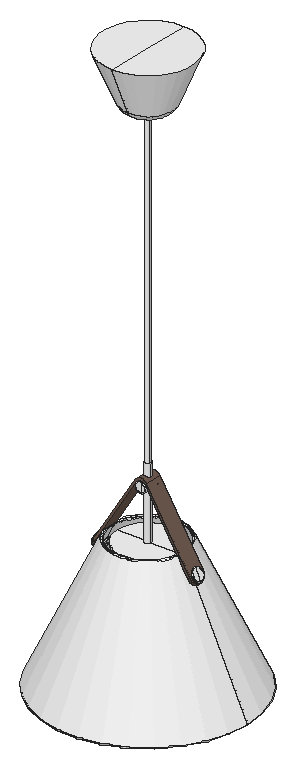
Revit family "Lighting_Pendants_Nordlux_Strap_27", category Lighting Fixtures, host Ceiling, Revit 2017
Family settings
  Host = Ceiling
  Round Connector Dimension = Use Diameter
  Part Type = Normal
  OmniClass Number = 23.80.70.11
  OmniClass Title = Luminaries for Internal Lighting
  Always vertical = Yes
  Cut with Voids When Loaded = No
  Light Source = Yes
  Shared = No
  Room Calculation Point = No
Parameters (values of type "Strap 27 - white with brown straps")
  Wattage = 6.7321 W
  WarrantyStartDate [instance] = "n/a"
  WarrantyGuarantorParts = "n/a"
  WarrantyGuarantorLabor = "n/a"
  WarrantyDurationUnit = "Hours"
  WarrantyDurationParts = "n/a"
  WarrantyDurationLabor = "n/a"
  WarrantyDescription = "n/a"
  built-in parameter 1150110 = 1 (stored number, unit not read)
  VersionDate = "01/07/2020"  # constant formula
  Version = "1"  # constant formula
  UsageCurrent = 0 A
  Uniclass2015Reference = "Pr_70_70_48_62"
  Uniclass2015Description = "Pendant  luminaires"
  Uniclass2 = "Pr_70_70_49_86"
  URL = "https://www.nordlux.com/products/product/84333001"
  TotalWattage = 40 W
  built-in parameter 1114217 = 1 (stored number, unit not read)
  Tilt Angle = 90.00°
  built-in parameter 1150109 = 1 (stored number, unit not read)
  built-in parameter 1150134 = (empty or 0)
  TagNumber [instance] = "n/a"
  SustainabilityPerformance = "n/a"
  built-in parameter 1150113 = 1 (stored number, unit not read)
  Socket = "E27"
  Size = "Shade: 270x270x270 mm / Canopy: 120x120x73 mm"
  Shape = "Sculptured"
  SerialNumber [instance] = "n/a"
  Revision = "1"  # constant formula
  ReplacementCost = "n/a"
  ProductInformation = "n/a"
  Product data url = "https://www.bimobject.com/nordlux/product/strap_27_pendant"
  Photometric Web File = "8433 Strap 27 Pendel Sort.ies"
  PhaseReference = "n/a"
  PhaseAngle = 0.00°
  NumberOfSources = 0
  NumberOfPoles = 1
  NominalWidth = NominalDiameter  # 270 mm
  NominalVoltageCalc = 0 V
  NominalVoltage = 230 V
  NominalRadius = NominalDiameter / 2  # 135 mm
  NominalLength = NominalDiameter  # 270 mm
  NominalHeight [instance] = CableLengthControl + 271.3 mm  # 771.3 mm
  NominalFrequencyRange = 50 Hz
  NominalDiameter = 270 mm
  NominalCurrent = 0 A
  Name = "Strap_27"  # constant formula
  NBSReference = "90-60-50/405"
  NBSDescription = "General purpose luminaires"
  ModelReference = ArticleNumber  # "84333001"
  ModelNumber = "n/a"
  Model = "Strap 27 - white with brown straps"
  Material = "Metal, leather & textile"
  ManufacturersSpecificInformation = "n/a"
  ManufacturerURL = "https://www.nordlux.com/"
  ManufacturerName = "Nordlux"
  Manufacturer = ManufacturerName  # "Nordlux"
  MaintenanceFactor = 0
  Lumens = 1000 lm
  built-in parameter 1150115 = 1 (stored number, unit not read)
  built-in parameter 1150105 = 360.88 (stored number, unit not read)
  LightSource = "Not included"
  LightFixtureTertiaryMaterial = Brown leather
  LightFixtureSecondaryMaterial = White cable
  LightFixtureQuinaryMaterial = White
  LightFixtureQuaternaryMaterial = Chrome
  LightFixturePlacingType = "Ceilling"
  LightFixtureMountingType = "Suspended"
  LightFixtureMainMaterial = White
  built-in parameter 1150137 = (empty or 0)
  built-in parameter 1150139 = (empty or 0)
  LensMaterial = Glass
  built-in parameter 1150112 = 1 (stored number, unit not read)
  built-in parameter 1150114 = 1 (stored number, unit not read)
  InsulationStandardClass = "Class 2 (Double isolated)"
  InstallationDate [instance] = "n/a"
  built-in parameter 1150132 = 2
  built-in parameter 1150102 = (empty or 0)
  built-in parameter 1150138 = (empty or 0)
  built-in parameter 1150107 = 3000 (stored number, unit not read)
  built-in parameter 1150106 = 3.6088 (stored number, unit not read)
  IfcExportType = "NOTDEFINED"  # constant formula
  IfcExportAs = "IfcLightFixtureType"  # constant formula
  IP_Code = "IP20"
  HasProtectiveEarth = no
  Grade = "n/a"
  Finish = "Primary material metal, secondary material leather, textile cable."
  Features = "Textile cable 300cm. Cable can not be replaced."
  ExpectedLife = "n/a"
  EnergyClass = "A++ -D"
  Emit from Circle Diameter = 60 mm
  Emit Shape Visible in Rendering = no
  ElectricalDeviceNominalPower = 0
  built-in parameter 1150104 = 13.8 (stored number, unit not read)
  EANNumber = "5701581337787"
  DurationUnit = "Hours"
  Dimming Lamp Color Temperature Shift = <None>
  Designer = "BJORN + BALLE"
  Description = "Metal and leather go well with the light Nordic style. The combination of these materials also allows the light to visually interact with a modern interior, where combining materials is one of the biggest current trends. With STRAP it seems obvious – just as obvious as how a Nordic light design is named after a leather strap. The narrow and elegant leather gives STRAP both a warm and raw look, which balances between the classic and the industrial. It comes with two leather straps in brown and black respectively, so it's up to you to give the STRAP the final look."
  DefaultElevation = 0 mm
  ConvergoRefNr = "0143-1909-0013-DK"
  Constituents = "n/a"
  Color Filter = 16777215
  Color = "White"
  Collection = "Strap"
  CodePerformance = "n/a"
  Category = "Indoor lighting"
  CableLengthControl [instance] = if(CableLength < 250 mm, 250 mm, if(CableLength > 3000 mm, 3000 mm, CableLength))  # 500 mm
  CableLength [instance] = 500 mm
  Brand = ManufacturerName  # "Nordlux"
  Barcode [instance] = "n/a"
  built-in parameter 1114218 = 1 (stored number, unit not read)
  BIMObjectName = "Lighting_Pendants_Nordlux_Strap_27"  # constant formula
  Author = "Convergo AB"  # constant formula
  built-in parameter 1150133 = 10 (stored number, unit not read)
  AssetType = "Fixed"
  AssetIdentifier [instance] = "n/a"
  ArticleNumber = "84333001"
  AccessibilityPerformance = "n/a"
Types (8, lengths in mm): name | URL | Photometric Web File | ModelReference | Model | Material | LightFixtureTertiaryMaterial | LightFixtureSecondaryMaterial | LightFixtureQuinaryMaterial | LightFixtureMainMaterial | Finish | EANNumber | Color | ArticleNumber
  Strap 27 - black with black straps | "https://www.nordlux.com/products/product/84333003" | "8433 Strap 27 Pendel Sort.ies" | "84333003" | "Strap 27 - black with black straps" | "Metal, leather & textile" | Black leather | Black cable | Black | Black | "Primary material metal, secondary material leather, textile cable." | "5701581337886" | "Black" | "84333003"
  Strap 27 - white with black straps | "https://www.nordlux.com/products/product/84333001" | "8433 Strap 27 Pendel Sort.ies" | "84333001" | "Strap 27 - white with black straps" | "Metal, leather & textile" | Black leather | White cable | White | White | "Primary material metal, secondary material leather, textile cable." | "5701581337787" | "White" | "84333001"
  Strap 27 - brushed steel with black straps | "https://www.nordlux.com/products/product/84333032" | "8433 Strap 27 Pendel Sort.ies" | "84333032" | "Strap 27 - brushed steel with black straps" | "Metal, leather & textile" | Black leather | Black cable | Brushed steel | Brushed steel | "Primary material metal, secondary material leather, textile cable." | "5701581338081" | "Brushed steel" | "84333032"
  Strap 27 - opal white with black straps | "https://www.nordlux.com/products/product/84313001" | "8431 Strap 27 Pendel Opal.ies" | "84313001" | "Strap 27 - opal white with black straps" | "Glass, metal, leather & textile" | Black leather | White cable | White | Opal white | "Primary material glass, secondary material leather, textile cable." | "5701581337688" | "Opal white" | "84313001"
  Strap 27 - black with brown straps | "https://www.nordlux.com/products/product/84333003" | "8433 Strap 27 Pendel Sort.ies" | "84333003" | "Strap 27 - black with brown straps" | "Metal, leather & textile" | Brown leather | Black cable | Black | Black | "Primary material metal, secondary material leather, textile cable." | "5701581337886" | "Black" | "84333003"
  Strap 27 - brushed steel with brown straps | "https://www.nordlux.com/products/product/84333032" | "8433 Strap 27 Pendel Sort.ies" | "84333032" | "Strap 27 - brushed steel with brown straps" | "Metal, leather & textile" | Brown leather | Black cable | Brushed steel | Brushed steel | "Primary material metal, secondary material leather, textile cable." | "5701581338081" | "Brushed steel" | "84333032"
  Strap 27 - opal white with brown straps | "https://www.nordlux.com/products/product/84313001" | "8431 Strap 27 Pendel Opal.ies" | "84313001" | "Strap 27 - opal white with brown straps" | "Glass, metal, leather & textile" | Brown leather | White cable | White | Opal white | "Primary material glass, secondary material leather, textile cable." | "5701581337688" | "Opal white" | "84313001"
  Strap 27 - white with brown straps | "https://www.nordlux.com/products/product/84333001" | "8433 Strap 27 Pendel Sort.ies" | "84333001" | "Strap 27 - white with brown straps" | "Metal, leather & textile" | Brown leather | White cable | White | White | "Primary material metal, secondary material leather, textile cable." | "5701581337787" | "White" | "84333001"
Reference planes
  plane 1 "Light Source Axis (F/B)": y = 0
  plane 2: z = 0
  plane 3 "Light Source Axis (L/R)": x = 0
  plane 4 "Ceiling": z = 4000
  plane 5 "Light Source Elevation": z = 3310.848
  plane 6: z = 3500
  plane 7: x = -135
  plane 8: y = 135
  plane 9: x = 135
  plane 10: y = -135
  plane 11: z = 3500
  plane 12: z = 3228.7
Forms (mm)
  Extrusion 1, solid, material "White" <- "LightFixtureQuinaryMaterial", detail levels coarse
    sketch origin (0, 6000, 3228.7) x (0, 1, 0) y (1, 0, 0)
      loop
        line (-5865, -135) -> (-5865, 135) -> (-6135, 135) -> (-6135, -135) -> (-5865, -135)
    from 0 to -771.3
Lines and regions (mm)
  symbolic lines
    curve 1: line (3, 0, 4000) -> (-3, 0, 4000)
  symbolic lines, detail levels medium+fine
    curve 2: line (3, 0, 3927) -> (3, 0, 3500)
    curve 3: line (-3, 0, 3927) -> (-3, 0, 3500)
    curve 4: line (0, 3, 3927) -> (0, 3, 3500)
    curve 5: line (0, -3, 3927) -> (0, -3, 3500)
Dimensions and locks
  equal spacing: host sketch curve, plane 3 "Light Source Axis (L/R)", host sketch curve
  equal spacing: host sketch curve, plane 1 "Light Source Axis (F/B)", host sketch curve
  host sketch curve to host sketch curve = 4000 mm  (x2)
  locked: plane 4 "Ceiling" to host ceiling at 0
  equal spacing: plane 10, plane 1 "Light Source Axis (F/B)", plane 8
  "NominalDiameter": plane 8 to plane 10
  equal spacing: plane 7, plane 3 "Light Source Axis (L/R)", plane 9
  "NominalDiameter": plane 7 to plane 9
  "CableLengthControl": plane 11 to plane 4 "Ceiling"
  locked: plane 12 to plane 5 "Light Source Elevation" at 82.148
  "NominalHeight": plane 12 to plane 4 "Ceiling"
  aligned and locked: plane 3 "Light Source Axis (L/R)" to imposter light
  aligned and locked: plane 1 "Light Source Axis (F/B)" to imposter light
  aligned and locked: plane 5 "Light Source Elevation" to imposter light
  aligned and locked: plane 4 "Ceiling" to curve 1  (x2)
  aligned and locked: plane 8 to Extrusion 1 sketch curve
  aligned and locked: plane 7 to Extrusion 1 sketch curve
  aligned and locked: plane 10 to Extrusion 1 sketch curve
  aligned and locked: plane 9 to Extrusion 1 sketch curve
  aligned and locked: Extrusion 1 to plane 4 "Ceiling"
  aligned and locked: curve 2 to nested 2
  aligned and locked: curve 3 to nested 2
  aligned and locked: plane 11 to curve 2
  aligned and locked: plane 11 to curve 3
  aligned and locked: curve 4 to nested 2
  aligned and locked: curve 5 to nested 2
  aligned and locked: plane 11 to curve 5
  aligned and locked: plane 11 to curve 4
  aligned and locked: nested 2 to plane 4 "Ceiling"
  aligned and locked: plane 3 "Light Source Axis (L/R)" to nested 1
  aligned and locked: nested 1 to plane 12
Automatic sketch dimensions
  plane 1 "Light Source Axis (F/B)" to curve 5 = 3 mm
  curve 4 to plane 1 "Light Source Axis (F/B)" = 3 mm
  curve 1 to plane 3 "Light Source Axis (L/R)" = 3 mm
  curve 3 to plane 3 "Light Source Axis (L/R)" = 3 mm
  plane 3 "Light Source Axis (L/R)" to curve 2 = 3 mm
  plane 3 "Light Source Axis (L/R)" to curve 1 = 3 mm
Nested families
  nested 1: "Strap_27" at (0, 0, 3228.7), Metal <- "LightFixtureQuinaryMaterial", Glass <- "LensMaterial", Nuts <- "LightFixtureQuaternaryMaterial", Strap <- "LightFixtureTertiaryMaterial", LampMaterial <- "LightFixtureMainMaterial", type "Strap_27"
    with Strap Brown leather, Nuts Chrome, Metal White, LampMaterial White, Glass Glass
  nested 2: "CeillingCap" at (0, 0, 4000) x (1, 0, 0) z (0, 0, -1), Cable <- "LightFixtureSecondaryMaterial", Metal <- "LightFixtureQuinaryMaterial", CableLength <- "CableLengthControl", type "CeillingCap"
    with Metal White, CableLength 500 mm, Cable White cable
Connectors
  electrical at (0, 0, 4000), driven by "NumberOfPoles", driven by "NominalVoltage"
    settings: on nested 2, index 1, voltage 230 V, apparent load 0 VA, apparent load phase1 0 VA, apparent load phase2 0 VA, apparent load phase3 0 VA, power factor 1, load classification "Other", number of poles 1, system type 31, power factor state 1, is connector primary yes, connector utility no, sub classification motor no, connector description ""
Definition of nested family "Strap_27"
  Parameters (values of type "Strap_27")
    Strap [instance] = none
    Nuts [instance] = none
    Metal [instance] = none
    LampMaterial [instance] = none
    Glass [instance] = none
  Reference planes
    plane 1 "Center (Front/Back)": y = 0
    plane 2: z = 0
    plane 3 "Center (Left/Right)": x = 0
    plane 4: z = 171.293
    plane 5: z = 82.148
  Forms (mm)
    Revolve 1, solid, material <- "Metal", detail levels medium+fine
      sketch origin (0, 0, 0) x (1, 0, 0) y (0, 0, 1)
        loop
          line (-40.635, 172.336) -> (-12.087, 172.336) -> (-12.087, 164.366) -> (-10.056, 164.366) -> (-10.056, 163.351)
          arc (-10.056, 163.351) -> (-16.687, 156.595) -> (-19.109, 147.444) r 18.501
          line (-19.109, 147.444) -> (-19.109, 105.624) -> (-13.71, 105.624) -> (-13.71, 135.199) -> (0, 135.199) -> (0, 271.33) -> (-4.01, 271.33) -> (-4.01, 175.336) -> (-40.635, 175.336) -> (-40.635, 172.336)
        axis (0, 105.624) -> (0, 271.33)
      angle from 0 to 360
    Extrusion 2, solid, material <- "Strap", detail levels medium+fine
      sketch origin (0, 0, 0) x (1, 0, 0) y (0, 0, 1)
        loop
          arc (-5.782, 249.768) -> (0, 252.821) -> (5.782, 249.768) r 7
          arc (5.782, 249.768) -> (38.27, 199.454) -> (68.145, 147.545) r 1171.252
          line (68.145, 147.545) -> (70.782, 148.974)
          arc (70.782, 148.974) -> (40.447, 201.645) -> (7.427, 252.677) r 1174.252
          arc (7.427, 252.677) -> (0, 256.593) -> (-7.427, 252.677) r 9
          arc (-7.427, 252.677) -> (-40.447, 201.645) -> (-70.782, 148.974) r 1174.252
          line (-70.782, 148.974) -> (-68.145, 147.545)
          arc (-68.145, 147.545) -> (-38.27, 199.454) -> (-5.782, 249.768) r 1171.252
      from -11 to 11
    Sweep 3, void
      path in 3D
        loop
          line (67.266, -11, 147.068) -> (71.662, -11, 149.45)
      profile origin (69.464, -11, 148.259) x (-0.476483, 0, 0.879184) y (0, -1, 0)
        loop
          line (-1, 0) -> (-1, -22) -> (11, -22)
          arc (11, -22) -> (0, -11) -> (11, 0) r 11
          line (11, 0) -> (-1, 0)
    Sweep 4, void
      path in 3D
        loop
          line (-71.662, -11, 149.45) -> (-67.266, -11, 147.068)
      profile origin (-69.464, -11, 148.259) x (0.476483, 0, 0.879184) y (0, -1, 0)
        loop
          line (-1, 0) -> (-1, -22) -> (11, -22)
          arc (11, -22) -> (0, -11) -> (11, 0) r 11
          line (11, 0) -> (-1, 0)
    Revolve 5, solid, material <- "Nuts", detail levels medium+fine
      sketch origin (0, 0, 0) x (1, 0, 0) y (0, 0, 1)
        loop
          line (-68.227, 159.08) -> (-55.486, 152.122) -> (-54.527, 153.877) -> (-55.885, 154.618) -> (-53.236, 159.468)
          arc (-53.236, 159.468) -> (-53.195, 159.848) -> (-53.435, 160.146) r 0.5
          line (-53.435, 160.146) -> (-56.253, 161.685)
          arc (-56.253, 161.685) -> (-58.002, 159.219) -> (-59.509, 156.598) r 31.869
          line (-59.509, 156.598) -> (-64.635, 159.398) -> (-61.504, 165.13) -> (-63.698, 166.329)
          arc (-63.698, 166.329) -> (-64.078, 166.37) -> (-64.376, 166.13) r 0.5
          line (-64.376, 166.13) -> (-68.227, 159.08)
        axis (-68.227, 159.08) -> (-55.486, 152.122)
      angle from 0 to 360
    Revolve 6, solid, material <- "Metal", detail levels medium+fine
      sketch origin (0, 0, 100.495) x (0, 1, 0) y (0, 0, 1)
        loop
          line (12.5, 145.326) -> (12.5, 151.826)
          arc (12.5, 151.826) -> (12.354, 152.179) -> (12, 152.326) r 0.5
          line (12, 152.326) -> (-12, 152.326)
          arc (-12, 152.326) -> (-12.354, 152.179) -> (-12.5, 151.826) r 0.5
          line (-12.5, 151.826) -> (-12.5, 145.326) -> (12.5, 145.326)
        axis (-12.5, 145.326) -> (12.5, 145.326)
      angle from 0 to 360
    Revolve 7, solid, material <- "LampMaterial", detail levels medium+fine
      sketch origin (0, 0, 0) x (1, 0, 0) y (0, 0, 1)
        loop
          arc (-134.832, 1.37) -> (-134.819, 0.987) -> (-134.539, 0.726) r 0.5
          line (-134.539, 0.726) -> (-132.667, 0.023)
          arc (-132.667, 0.023) -> (-132.284, 0.036) -> (-132.023, 0.315) r 0.5
          arc (-132.023, 0.315) -> (-93.572, 90.883) -> (-47.637, 177.895) r 1168.252
          arc (-47.637, 177.895) -> (-47.585, 178.272) -> (-47.813, 178.576) r 0.5
          line (-47.813, 178.576) -> (-49.531, 179.6)
          arc (-49.531, 179.6) -> (-49.912, 179.655) -> (-50.219, 179.422) r 0.5
          arc (-50.219, 179.422) -> (-96.278, 92.179) -> (-134.832, 1.37) r 1171.252
        axis (0, 179.6) -> (0, 0.023)
      angle from 0 to 360
    Revolve 8, solid, material <- "Nuts", detail levels medium+fine
      sketch origin (0, 0, 0) x (-1, 0, 0) y (0, 0, -1)
        loop
          line (-68.227, -159.08) -> (-64.376, -166.13)
          arc (-64.376, -166.13) -> (-64.078, -166.37) -> (-63.698, -166.329) r 0.5
          line (-63.698, -166.329) -> (-61.504, -165.13) -> (-64.635, -159.398) -> (-59.509, -156.598)
          arc (-59.509, -156.598) -> (-58.002, -159.219) -> (-56.253, -161.685) r 31.869
          line (-56.253, -161.685) -> (-53.435, -160.146)
          arc (-53.435, -160.146) -> (-53.195, -159.848) -> (-53.236, -159.468) r 0.5
          line (-53.236, -159.468) -> (-55.885, -154.618) -> (-54.527, -153.877) -> (-55.486, -152.122) -> (-68.227, -159.08)
        axis (-68.227, -159.08) -> (-55.486, -152.122)
      angle from 0 to 360
    Revolve 9, solid, material <- "Glass", detail levels medium+fine
      sketch origin (0, 0, 51.356) x (0, 1, 0) y (0, 0, 1)
        loop
          line (0, 30.793) -> (25, 30.793) -> (25, 32.793) -> (22.5, 32.793) -> (22.5, 39.96)
          arc (22.5, 39.96) -> (19.463, 53.223) -> (10.957, 63.843) r 30.481
          line (10.957, 63.843) -> (10.957, 83.843) -> (0, 83.843) -> (0, 30.793)
        axis (0, 83.843) -> (0, 30.793)
      angle from 0 to 360
  Cuts and joins
    Sweep 3, Sweep 4 cuts Extrusion 2
    joined: Revolve 1, Revolve 6
    joined: Revolve 5, Revolve 8
  Lines and regions (mm)
    sketch lines
      curve 1: line (67.266, -11, 147.068) -> (71.662, -11, 149.45)
      curve 2: line (-71.662, -11, 149.45) -> (-67.266, -11, 147.068)
    symbolic lines, detail levels fine
      curve 3: arc (-50.074, 0, 179.67) -> (-59.236, 0, 163.679) -> (-68.145, 0, 147.545) r 1171.252
      curve 7: line (0, 0, 179.67) -> (-50.074, 0, 179.67)
      curve 8: arc (-50.074, 0, 179.67) -> (-28.548, 0, 215.111) -> (-5.782, 0, 249.768) r 1171.252
      curve 16: arc (-61.812, 0, 165.219) -> (-65.946, 0, 157.807) -> (-70.027, 0, 150.366) r 1174.252
      curve 18: arc (0, 0, 256.593) -> (-2.06, 0, 256.355) -> (-4.01, 0, 255.651) r 9
      curve 20: line (0, 0, 271.33) -> (-3.01, 0, 271.33)
      curve 23: circle (0, 0, 245.821) r 7 normal (0, 1, 0)
      curve 24: line (-4.01, 0, 240.084) -> (-4.01, 0, 179.67)
      curve 26: arc (50.074, 0, 179.67) -> (59.236, 0, 163.679) -> (68.145, 0, 147.545) r 1171.252
      curve 29: line (0, 0, 179.67) -> (50.074, 0, 179.67)
      curve 30: arc (50.074, 0, 179.67) -> (28.548, 0, 215.111) -> (5.782, 0, 249.768) r 1171.252
      curve 38: arc (61.812, 0, 165.219) -> (65.946, 0, 157.807) -> (70.027, 0, 150.366) r 1174.252
      curve 40: arc (0, 0, 256.593) -> (2.06, 0, 256.355) -> (4.01, 0, 255.651) r 9
      curve 42: line (0, 0, 271.33) -> (3.01, 0, 271.33)
      curve 45: line (4.01, 0, 240.084) -> (4.01, 0, 179.67)
      curve 54: spline (0, 8.532, 157.642) -> (0, 8.459, 156.665) -> (0, 8.241, 155.704) -> (0, 7.883, 154.777) -> (0, 7.389, 153.898) -> (0, 6.769, 153.084) -> (0, 6.033, 152.348) -> (0, 5.194, 151.702) -> (0, 4.266, 151.158) -> (0, 3.265, 150.724) -> (0, 2.208, 150.41) -> (0, 1.114, 150.218) -> (0, 0, 150.154)
      curve 55: spline (0, 8.532, 158.966) -> (0, 8.459, 159.943) -> (0, 8.241, 160.904) -> (0, 7.883, 161.831) -> (0, 7.389, 162.71) -> (0, 6.769, 163.524) -> (0, 6.033, 164.261) -> (0, 5.194, 164.906) -> (0, 4.266, 165.451) -> (0, 3.265, 165.884) -> (0, 2.208, 166.199) -> (0, 1.114, 166.39) -> (0, 0, 166.454)
      curve 56: line (0, 8.532, 158.966) -> (0, 8.532, 157.642)
      curve 57: line (0, 9, 155.441) -> (0, 9, 179.67)
      curve 58: spline (0, 0, 147.545) -> (0, 1.175, 147.612) -> (0, 2.329, 147.814) -> (0, 3.444, 148.146) -> (0, 4.5, 148.602) -> (0, 5.479, 149.176) -> (0, 6.364, 149.857) -> (0, 7.14, 150.634) -> (0, 7.794, 151.493) -> (0, 8.315, 152.419) -> (0, 8.693, 153.397) -> (0, 8.923, 154.41) -> (0, 9, 155.441)
      curve 59: spline (0, 0, 148.974) -> (0, 1.175, 149.042) -> (0, 2.329, 149.243) -> (0, 3.444, 149.575) -> (0, 4.5, 150.032) -> (0, 5.479, 150.606) -> (0, 6.364, 151.287) -> (0, 7.14, 152.063) -> (0, 7.794, 152.922) -> (0, 8.315, 153.848) -> (0, 8.693, 154.826) -> (0, 8.923, 155.84) -> (0, 9, 156.87)
      curve 66: line (0, 9, 238.82) -> (0, 9, 252.828)
      curve 70: line (0, 3, 271.33) -> (0, 0, 271.33)
      curve 71: arc (0, 4, 256.593) -> (0, 2.071, 255.794) -> (0, 0, 255.522) r 8
      curve 78: spline (0, -8.532, 157.642) -> (0, -8.459, 156.665) -> (0, -8.241, 155.704) -> (0, -7.883, 154.777) -> (0, -7.389, 153.898) -> (0, -6.769, 153.084) -> (0, -6.033, 152.348) -> (0, -5.194, 151.702) -> (0, -4.266, 151.158) -> (0, -3.265, 150.724) -> (0, -2.208, 150.41) -> (0, -1.114, 150.218) -> (0, 0, 150.154)
      curve 79: spline (0, -8.532, 158.966) -> (0, -8.459, 159.943) -> (0, -8.241, 160.904) -> (0, -7.883, 161.831) -> (0, -7.389, 162.71) -> (0, -6.769, 163.524) -> (0, -6.033, 164.261) -> (0, -5.194, 164.906) -> (0, -4.266, 165.451) -> (0, -3.265, 165.884) -> (0, -2.208, 166.199) -> (0, -1.114, 166.39) -> (0, 0, 166.454)
      curve 80: line (0, -8.532, 158.966) -> (0, -8.532, 157.642)
      curve 81: line (0, -9, 155.441) -> (0, -9, 179.67)
      curve 82: spline (0, 0, 147.545) -> (0, -1.175, 147.612) -> (0, -2.329, 147.814) -> (0, -3.444, 148.146) -> (0, -4.5, 148.602) -> (0, -5.479, 149.176) -> (0, -6.364, 149.857) -> (0, -7.14, 150.634) -> (0, -7.794, 151.493) -> (0, -8.315, 152.419) -> (0, -8.693, 153.397) -> (0, -8.923, 154.41) -> (0, -9, 155.441)
      curve 83: spline (0, 0, 148.974) -> (0, -1.175, 149.042) -> (0, -2.329, 149.243) -> (0, -3.444, 149.575) -> (0, -4.5, 150.032) -> (0, -5.479, 150.606) -> (0, -6.364, 151.287) -> (0, -7.14, 152.063) -> (0, -7.794, 152.922) -> (0, -8.315, 153.848) -> (0, -8.693, 154.826) -> (0, -8.923, 155.84) -> (0, -9, 156.87)
      curve 90: line (0, -9, 238.82) -> (0, -9, 252.828)
      curve 94: line (0, -3, 271.33) -> (0, 0, 271.33)
      curve 95: arc (0, -4, 256.593) -> (0, -2.071, 255.794) -> (0, 0, 255.522) r 8
      curve 99: circle (0, 0, 0) r 132 normal (0, 0, 1)
      curve 100: circle (0, 0, 0) r 48 normal (0, 0, 1)
      curve 101: circle (0, 0, 0) r 40.635 normal (0, 0, 1)
      curve 102: line (-46.723, 11, 0) -> (-39.118, 11, 0)
      curve 103: line (-46.723, -11, 0) -> (-39.118, -11, 0)
      curve 104: line (39.118, -11, 0) -> (46.723, -11, 0)
      curve 105: line (39.118, 11, 0) -> (46.723, 11, 0)
    symbolic lines, detail levels medium+fine
      curve 4: line (-134.58, 0, 0.741) -> (-132.605, 0, 0)
      curve 5: line (0, 0, 0) -> (-132.605, 0, 0)
      curve 6: arc (-134.847, 0, 1.329) -> (-134.835, 0, 0.979) -> (-134.58, 0, 0.741) r 0.456
      curve 9: arc (-7.427, 0, 252.677) -> (-35.579, 0, 209.544) -> (-61.812, 0, 165.219) r 1174.252
      curve 10: line (-70.782, 0, 148.974) -> (-68.145, 0, 147.545)
      curve 11: line (-70.027, 0, 150.366) -> (-71.863, 0, 151.364)
      curve 12: line (-61.812, 0, 165.219) -> (-63.734, 0, 166.3)
      curve 13: line (-72.064, 0, 152.042) -> (-64.419, 0, 166.103)
      curve 14: arc (-63.734, 0, 166.3) -> (-64.118, 0, 166.345) -> (-64.419, 0, 166.103) r 0.5
      curve 15: arc (-72.064, 0, 152.042) -> (-72.104, 0, 151.662) -> (-71.863, 0, 151.364) r 0.5
      curve 17: arc (-70.027, 0, 150.366) -> (-70.405, 0, 149.67) -> (-70.782, 0, 148.974) r 1174.252
      curve 19: line (-4.01, 0, 271.33) -> (-3.01, 0, 271.33)
      curve 21: line (-4.01, 0, 271.33) -> (-4.01, 0, 255.651)
      curve 22: arc (-4.01, 0, 255.651) -> (-5.909, 0, 254.382) -> (-7.427, 0, 252.677) r 9
      curve 25: arc (-68.145, 0, 147.545) -> (-104.007, 0, 75.582) -> (-134.847, 0, 1.329) r 1171.252
      curve 27: line (134.539, 0, 0.726) -> (132.605, 0, 0)
      curve 28: line (0, 0, 0) -> (132.605, 0, 0)
      curve 31: arc (7.427, 0, 252.677) -> (35.579, 0, 209.544) -> (61.812, 0, 165.219) r 1174.252
      curve 32: line (70.782, 0, 148.974) -> (68.145, 0, 147.545)
      curve 33: line (70.027, 0, 150.366) -> (71.863, 0, 151.364)
      curve 34: line (61.812, 0, 165.219) -> (63.734, 0, 166.3)
      curve 35: line (72.064, 0, 152.042) -> (64.419, 0, 166.103)
      curve 36: arc (63.734, 0, 166.3) -> (64.118, 0, 166.345) -> (64.419, 0, 166.103) r 0.5
      curve 37: arc (72.064, 0, 152.042) -> (72.104, 0, 151.662) -> (71.863, 0, 151.364) r 0.5
      curve 39: arc (70.027, 0, 150.366) -> (70.405, 0, 149.67) -> (70.782, 0, 148.974) r 1174.252
      curve 41: line (4.01, 0, 271.33) -> (3.01, 0, 271.33)
      curve 43: line (4.01, 0, 271.33) -> (4.01, 0, 255.651)
      curve 44: arc (4.01, 0, 255.651) -> (5.909, 0, 254.382) -> (7.427, 0, 252.677) r 9
      curve 46: arc (68.145, 0, 147.545) -> (103.998, 0, 75.602) -> (134.832, 0, 1.37) r 1171.252
      curve 47: arc (134.832, 0, 1.37) -> (134.819, 0, 0.987) -> (134.539, 0, 0.726) r 0.5
      curve 48: arc (0, 134.832, 1.37) -> (0, 96.278, 92.179) -> (0, 50.219, 179.422) r 1171.252
      curve 49: arc (0, 50.219, 179.422) -> (0, 50.036, 179.604) -> (0, 49.787, 179.67) r 0.5
      curve 50: line (0, 49.787, 179.67) -> (0, 9, 179.67)
      curve 51: line (0, 132.605, 0) -> (0, 134.539, 0.726)
      curve 52: arc (0, 134.832, 1.37) -> (0, 134.819, 0.987) -> (0, 134.539, 0.726) r 0.5
      curve 53: line (0, 132.605, 0) -> (0, 0, 0)
      curve 60: line (0, 9, 238.82) -> (0, 12.006, 238.82)
      curve 61: line (0, 12.006, 252.828) -> (0, 9, 252.828)
      curve 62: line (0, 12.506, 252.328) -> (0, 12.506, 239.32)
      curve 63: arc (0, 12.006, 252.828) -> (0, 12.36, 252.681) -> (0, 12.506, 252.328) r 0.5
      curve 64: arc (0, 12.506, 239.32) -> (0, 12.36, 238.966) -> (0, 12.006, 238.82) r 0.5
      curve 65: line (0, 9, 252.828) -> (0, 9, 256.593)
      curve 67: line (0, 9, 256.593) -> (0, 4, 256.593)
      curve 68: line (0, 4, 256.593) -> (0, 4, 271.33)
      curve 69: line (0, 4, 271.33) -> (0, 3, 271.33)
      curve 72: line (0, 9, 179.67) -> (0, 9, 238.82)
      curve 73: arc (0, -134.832, 1.37) -> (0, -96.278, 92.179) -> (0, -50.219, 179.422) r 1171.252
      curve 74: line (0, -49.787, 179.67) -> (0, -9, 179.67)
      curve 75: line (0, -132.605, 0) -> (0, -134.539, 0.726)
      curve 76: arc (0, -134.832, 1.37) -> (0, -134.819, 0.987) -> (0, -134.539, 0.726) r 0.5
      curve 77: line (0, -132.605, 0) -> (0, 0, 0)
      curve 84: line (0, -9, 238.82) -> (0, -12.006, 238.82)
      curve 85: line (0, -12.006, 252.828) -> (0, -9, 252.828)
      curve 86: line (0, -12.506, 252.328) -> (0, -12.506, 239.32)
      curve 87: arc (0, -12.006, 252.828) -> (0, -12.36, 252.681) -> (0, -12.506, 252.328) r 0.5
      curve 88: arc (0, -12.506, 239.32) -> (0, -12.36, 238.966) -> (0, -12.006, 238.82) r 0.5
      curve 89: line (0, -9, 252.828) -> (0, -9, 256.593)
      curve 91: line (0, -9, 256.593) -> (0, -4, 256.593)
      curve 92: line (0, -4, 256.593) -> (0, -4, 271.33)
      curve 93: line (0, -4, 271.33) -> (0, -3, 271.33)
      curve 96: line (0, -9, 179.67) -> (0, -9, 238.82)
      curve 97: arc (0, -50.219, 179.422) -> (0, -50.036, 179.604) -> (0, -49.787, 179.67) r 0.5
      curve 98: circle (0, 0, 0) r 135 normal (0, 0, 1)
  Dimensions and locks
    aligned and locked: level to plane 2
Definition of nested family "CeillingCap"
  Parameters (values of type "CeillingCap")
    Metal [instance] = none
    Default Elevation = 1219.2 mm
    CableLength [instance] = 250 mm
    Cable [instance] = none
  Reference planes
    plane 1 "Center (Front/Back)": y = 0
    plane 2: z = 0
    plane 3 "Center (Left/Right)": x = 0
  Forms (mm)
    Revolve 1, solid, material <- "Metal", detail levels medium+fine
      sketch origin (0, 0, 0) x (0, 1, 0) y (0, 0, 1)
        loop
          line (0, 0) -> (60, 0) -> (33.516, 63.754)
          arc (33.516, 63.754) -> (20.044, 72.995) -> (6.121, 64.449) r 15
          line (6.121, 64.449) -> (0, 64.449) -> (0, 0)
        axis (0, 64.449) -> (0, 0)
      angle from 0 to 360
    Extrusion 2, solid, material <- "Cable", detail levels medium+fine
      sketch origin (0, 0, 0) x (1, 0, 0) y (0, 1, 0)
        loop
          circle (0, 0) r 3
      from 10 to 250 <- "CableLength"
  Lines and regions (mm)
    symbolic lines, detail levels medium+fine
      curve 1: line (0, 0, 0) -> (-60, 0, 0)
      curve 2: line (-33.516, 0, 63.754) -> (-60, 0, 0)
      curve 3: arc (-19.664, 0, 73) -> (-27.991, 0, 70.476) -> (-33.516, 0, 63.754) r 15
      curve 4: line (-3, 0, 73) -> (-19.664, 0, 73)
      curve 6: line (0, 0, 0) -> (60, 0, 0)
      curve 7: line (33.516, 0, 63.754) -> (60, 0, 0)
      curve 8: arc (19.664, 0, 73) -> (27.991, 0, 70.476) -> (33.516, 0, 63.754) r 15
      curve 9: line (3, 0, 73) -> (19.664, 0, 73)
      curve 11: line (0, 60, 0) -> (0, 0, 0)
      curve 12: line (0, 60, 0) -> (0, 33.516, 63.754)
      curve 13: arc (0, 33.516, 63.754) -> (0, 27.991, 70.476) -> (0, 19.664, 73) r 15
      curve 14: line (0, 3, 73) -> (0, 19.664, 73)
      curve 16: line (0, -60, 0) -> (0, 0, 0)
      curve 17: line (0, -60, 0) -> (0, -33.516, 63.754)
      curve 18: arc (0, -33.516, 63.754) -> (0, -27.991, 70.476) -> (0, -19.664, 73) r 15
      curve 19: line (0, -3, 73) -> (0, -19.664, 73)
    symbolic lines, detail levels fine
      curve 5: line (0, 0, 73) -> (-3, 0, 73)
      curve 10: line (0, 0, 73) -> (3, 0, 73)
      curve 15: line (0, 0, 73) -> (0, 3, 73)
      curve 20: line (0, 0, 73) -> (0, -3, 73)
  Dimensions and locks
    aligned and locked: level to plane 2
